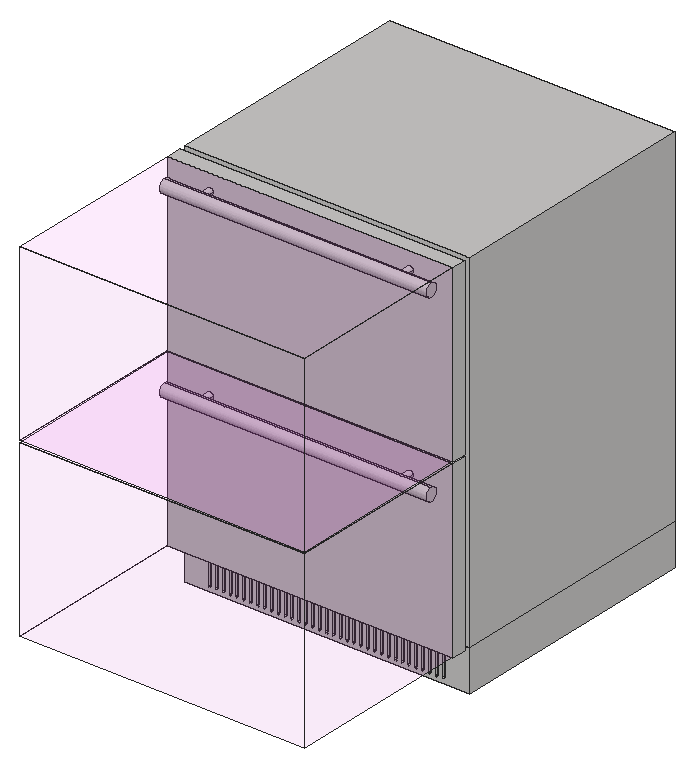
Revit family "QF_Summit_ADRD24_2_Drawer_All_Refrigerator", category Specialty Equipment, Revit 2020
Family settings
  Round Connector Dimension = Use Diameter
  Part Type = Normal
  Work Plane-Based = No
  Always vertical = Yes
  Cut with Voids When Loaded = No
  Shared = No
  Room Calculation Point = No
Parameters
  Weight in Pounds = 95
  Watts = Volts * FL Amps  # 57.5 W
  Volts = 115 V
  URL Cutsheet = ""
  Specification by User = ""
  Specification by Manufacturer = ""
  Show Clearance [instance] = yes
  Show 4" Legs [instance] = no
  Serial Number = ""
  Seismic Rating = ""
  SMACNA No = ""
  Revision Code = ""
  Refrigerant Volume = 0.00 kip
  Refrigerant Type = "R600a"
  Phase = 1
  Number of Poles = 1
  NAFEM Spec ID Number = ""
  Model = "ADRD24"
  Min Ckt Ampacity = 0 A
  Max Overcurrent Protection = 0 A
  Masterspec = ""
  Manufacturer = "Summit"
  Length = 23 3/8"
  Item Number = ""
  Installed By = ""
  Identify Quantity as Lot = yes
  Height [instance] = Body Height + Base Height  # 32"
  HP = ""
  Furnished By = ""
  Foodservice Equipment Identifier = yes
  FL Amps = 0.5 A
  Electrical Remarks = ""
  Electric Connection Type = ""
  Elec Conn RI Height = 0"
  Elec Conn Connection Height = 0"
  Description = "2 Drawer All Refrigerator"
  Depth = 22 3/4"
  Default Elevation = 0"
  Cycle = 60 Hz
  Conn Plug = ""
  Conn Conduit = yes
  CSI MasterFormat = ""
  Body Height [instance] = 32"
  Base Height [instance] = if([Show 4" Legs], 4", 0")  # 0"
  BTUH = 0.0 Btu/h
  Apparent Power = 0 VA
Reference planes (in)
  plane 1 "BACK": y = 0
  plane 2: z = 0
  plane 3 "LEFT": x = 0
  plane 4 "RIGHT": x = 23.375
  plane 5 "FRONT": y = -21
  plane 6 "TOP": z = 32
  plane 7 "Center Y": x = 11.6875
  plane 8 "Center X": y = -10.5
  plane 9: z = 0
Dimensions and locks (in)
  equal spacing: plane 3 "LEFT", plane 7 "Center Y", plane 4 "RIGHT"
  "Length": plane 3 "LEFT" to plane 4 "RIGHT"
  equal spacing: plane 5 "FRONT", plane 8 "Center X", plane 1 "BACK"
  plane 5 "FRONT" to plane 1 "BACK" = 21"
  plane 6 "TOP" to level = 32"
  nested 1 to plane 1 "BACK" = 37 7/8"
  nested 1 to plane 1 "BACK" = 22 3/4"
  "Base Height": plane 9 to level
  "Body Height": plane 6 "TOP" to plane 9
  aligned and locked: level to plane 2
  aligned and locked: nested 1 to plane 9
  aligned and locked: plane 6 "TOP" to nested 1
Nested families (in)
  nested 1: "ADRD24" at (0, 0, 0), Show Clearance <- "Show Clearance", type "ADRD24"
    with Show Clearance yes
  nested 2: "4 INCHES LEGS" at (3.6875, -4, 0), Show 4" Legs <- "Show 4" Legs", type "4 INCHES LEGS"
    with Type Mark "", Status "", Specification by User "", Show 4" Legs no, Revision Code "", Item Number "", Installed By "", Identify Quantity as Lot yes, Furnished By "", Foodservice Equipment Identifier yes
  nested 3: "4 INCHES LEGS" at (19.6875, -4, 0) x (-1, 0, 0) z (0, 0, 1), Show 4" Legs <- "Show 4" Legs", type "4 INCHES LEGS"
    with Type Mark "", Status "", Specification by User "", Show 4" Legs no, Revision Code "", Item Number "", Installed By "", Identify Quantity as Lot yes, Furnished By "", Foodservice Equipment Identifier yes
  nested 4: "4 INCHES LEGS" at (3.6875, -17, 0), Show 4" Legs <- "Show 4" Legs", type "4 INCHES LEGS"
    with Type Mark "", Status "", Specification by User "", Show 4" Legs no, Revision Code "", Item Number "", Installed By "", Identify Quantity as Lot yes, Furnished By "", Foodservice Equipment Identifier yes
  nested 5: "4 INCHES LEGS" at (19.6875, -17, 0) x (-1, 0, 0) z (0, 0, 1), Show 4" Legs <- "Show 4" Legs", type "4 INCHES LEGS"
    with Type Mark "", Status "", Specification by User "", Show 4" Legs no, Revision Code "", Item Number "", Installed By "", Identify Quantity as Lot yes, Furnished By "", Foodservice Equipment Identifier yes
Connectors (in)
  electrical at (20.588, 0.03125, 4), driven by "Volts", driven by "Watts"
    settings: on nested 1, index 1, voltage 115 V, apparent load 57.5 VA, apparent load phase1 0 VA, apparent load phase2 0 VA, apparent load phase3 0 VA, power factor 1, load classification "Other", number of poles 1, system type 30, power factor state 1, is connector primary yes, connector utility no, sub classification motor no, connector description "ELECTRICAL CONNECTON"
Definition of nested family "ADRD24"
  Parameters (values of type "ADRD24")
    Weight in Pounds = 0
    URL Cutsheet = ""
    Specification by User = ""
    Specification by Manufacturer = ""
    Show Clearance [instance] = yes
    Serial Number = ""
    Seismic Rating = ""
    SMACNA No = ""
    Revision Code = ""
    NAFEM Spec ID Number = ""
    Masterspec = ""
    Length = 23 3/8"
    Item Number = ""
    Installed By = ""
    Identify Quantity as Lot = yes
    Height = 32"
    Furnished By = ""
    Foodservice Equipment Identifier = yes
    Depth = 21"
    Default Elevation = 0"
    CSI MasterFormat = ""
  Reference planes (in)
    plane 1 "BACK": y = 0
    plane 2: z = 0
    plane 3 "LEFT": x = 0
    plane 4 "RIGHT": x = 23.375
    plane 5 "FRONT": y = -21
    plane 6 "TOP": z = 32
    plane 7 "Center Y": x = 11.6875
    plane 8 "Center X": y = -10.5
    plane 9: y = -22.75
    plane 10: y = -21.5
    plane 11: y = -24.5
    plane 12: y = -37.875
    plane 13: z = 3.375
  Forms (in)
    Extrusion 1, solid
      sketch origin (0, 0, 0) x (1, 0, 0) y (0, 1, 0)
        loop
          line (0, 0) -> (0, -21) -> (23.375, -21) -> (23.375, 0) -> (0, 0)
      from 0 to 3.375
    Extrusion 2, solid
      sketch origin (0, 0, 3.375) x (1, 0, 0) y (0, 1, 0)
        loop
          line (0, 0) -> (0, -21) -> (23.375, -21) -> (23.375, 0) -> (0, 0)
      from 0 to 28.625
    Extrusion 3, solid
      sketch origin (-38.39759, -180, 32) x (-1, 0, 0) y (0, -1, 0)
        loop
          line (-38.39759, -158.5) -> (-38.39759, -157.25) -> (-61.77259, -157.25) -> (-61.77259, -158.5) -> (-38.39759, -158.5)
      from 0 to -14.25
    Extrusion 4, solid
      sketch origin (-38.39759, -180, 3.375) x (0, 1, 0) y (1, 0, 0)
        loop
          line (158.5, 38.39759) -> (158.5, 61.77259) -> (157.25, 61.77259) -> (157.25, 38.39759) -> (158.5, 38.39759)
      from 0 to -14.25
    Extrusion 5, solid
      sketch origin (-4.36197, -180, 3.375) x (-1, 0, 0) y (0, -1, 0)
        loop
          line (-5.04947, -159) -> (-5.04947, -158.5) -> (-27.04947, -158.5) -> (-27.04947, -159) -> (-5.04947, -159)
      from 0 to 27.88719
    Extrusion 6, solid
      sketch origin (23.375, -22.75, 32) x (-1, 0, 0) y (0, 0, -1)
        loop
          circle (19.875, 1.34016) r 0.25
        loop
          circle (3.5, 1.34016) r 0.25
        loop
          circle (19.875, 16.34016) r 0.25
        loop
          circle (3.5, 16.34016) r 0.25
      from 0 to 1.18266
    Extrusion 7, solid
      sketch origin (0.75, -180, 45.48556) x (0, 0, 1) y (0, -1, 0)
        loop
          circle (-14.80964, -156) r 0.5
      from 0 to 21.875
    Extrusion 8, solid
      sketch origin (0.75, -180, 45.48556) x (0, 0, 1) y (0, -1, 0)
        loop
          circle (-29.80964, -156) r 0.5
      from 0 to 21.875
    Extrusion 9, void
      sketch origin (24.57232, -21, 0) x (1, 0, 0) y (0, 0, -1)
        loop
          line (-22.59941, -0.4375) -> (-22.59941, -2.9375)
          arc (-22.59941, -2.9375) -> (-22.47441, -3.0625) -> (-22.34941, -2.9375) r 0.125
          line (-22.34941, -2.9375) -> (-22.34941, -0.4375)
          arc (-22.34941, -0.4375) -> (-22.47441, -0.3125) -> (-22.59941, -0.4375) r 0.125
      from 0 to 0.10592
    Extrusion 10, void
      sketch origin (43.7515, -21, 0) x (1, 0, 0) y (0, 0, -1)
        loop
          line (-22.59941, -0.4375) -> (-22.59941, -2.9375)
          arc (-22.59941, -2.9375) -> (-22.47441, -3.0625) -> (-22.34941, -2.9375) r 0.125
          line (-22.34941, -2.9375) -> (-22.34941, -0.4375)
          arc (-22.34941, -0.4375) -> (-22.47441, -0.3125) -> (-22.59941, -0.4375) r 0.125
      from 0 to 0.10592
    Extrusion 11, void
      sketch origin (25.13641, -21, 0) x (1, 0, 0) y (0, 0, -1)
        loop
          line (-22.59941, -0.4375) -> (-22.59941, -2.9375)
          arc (-22.59941, -2.9375) -> (-22.47441, -3.0625) -> (-22.34941, -2.9375) r 0.125
          line (-22.34941, -2.9375) -> (-22.34941, -0.4375)
          arc (-22.34941, -0.4375) -> (-22.47441, -0.3125) -> (-22.59941, -0.4375) r 0.125
      from 0 to 0.10592
    Extrusion 12, void
      sketch origin (25.70051, -21, 0) x (1, 0, 0) y (0, 0, -1)
        loop
          line (-22.59941, -0.4375) -> (-22.59941, -2.9375)
          arc (-22.59941, -2.9375) -> (-22.47441, -3.0625) -> (-22.34941, -2.9375) r 0.125
          line (-22.34941, -2.9375) -> (-22.34941, -0.4375)
          arc (-22.34941, -0.4375) -> (-22.47441, -0.3125) -> (-22.59941, -0.4375) r 0.125
      from 0 to 0.10592
    Extrusion 13, void
      sketch origin (26.2646, -21, 0) x (1, 0, 0) y (0, 0, -1)
        loop
          line (-22.59941, -0.4375) -> (-22.59941, -2.9375)
          arc (-22.59941, -2.9375) -> (-22.47441, -3.0625) -> (-22.34941, -2.9375) r 0.125
          line (-22.34941, -2.9375) -> (-22.34941, -0.4375)
          arc (-22.34941, -0.4375) -> (-22.47441, -0.3125) -> (-22.59941, -0.4375) r 0.125
      from 0 to 0.10592
    Extrusion 14, void
      sketch origin (26.8287, -21, 0) x (1, 0, 0) y (0, 0, -1)
        loop
          line (-22.59941, -0.4375) -> (-22.59941, -2.9375)
          arc (-22.59941, -2.9375) -> (-22.47441, -3.0625) -> (-22.34941, -2.9375) r 0.125
          line (-22.34941, -2.9375) -> (-22.34941, -0.4375)
          arc (-22.34941, -0.4375) -> (-22.47441, -0.3125) -> (-22.59941, -0.4375) r 0.125
      from 0 to 0.10592
    Extrusion 15, void
      sketch origin (27.39279, -21, 0) x (1, 0, 0) y (0, 0, -1)
        loop
          line (-22.59941, -0.4375) -> (-22.59941, -2.9375)
          arc (-22.59941, -2.9375) -> (-22.47441, -3.0625) -> (-22.34941, -2.9375) r 0.125
          line (-22.34941, -2.9375) -> (-22.34941, -0.4375)
          arc (-22.34941, -0.4375) -> (-22.47441, -0.3125) -> (-22.59941, -0.4375) r 0.125
      from 0 to 0.10592
    Extrusion 16, void
      sketch origin (27.95688, -21, 0) x (1, 0, 0) y (0, 0, -1)
        loop
          line (-22.59941, -0.4375) -> (-22.59941, -2.9375)
          arc (-22.59941, -2.9375) -> (-22.47441, -3.0625) -> (-22.34941, -2.9375) r 0.125
          line (-22.34941, -2.9375) -> (-22.34941, -0.4375)
          arc (-22.34941, -0.4375) -> (-22.47441, -0.3125) -> (-22.59941, -0.4375) r 0.125
      from 0 to 0.10592
    Extrusion 17, void
      sketch origin (28.52098, -21, 0) x (1, 0, 0) y (0, 0, -1)
        loop
          line (-22.59941, -0.4375) -> (-22.59941, -2.9375)
          arc (-22.59941, -2.9375) -> (-22.47441, -3.0625) -> (-22.34941, -2.9375) r 0.125
          line (-22.34941, -2.9375) -> (-22.34941, -0.4375)
          arc (-22.34941, -0.4375) -> (-22.47441, -0.3125) -> (-22.59941, -0.4375) r 0.125
      from 0 to 0.10592
    Extrusion 18, void
      sketch origin (29.08507, -21, 0) x (1, 0, 0) y (0, 0, -1)
        loop
          line (-22.59941, -0.4375) -> (-22.59941, -2.9375)
          arc (-22.59941, -2.9375) -> (-22.47441, -3.0625) -> (-22.34941, -2.9375) r 0.125
          line (-22.34941, -2.9375) -> (-22.34941, -0.4375)
          arc (-22.34941, -0.4375) -> (-22.47441, -0.3125) -> (-22.59941, -0.4375) r 0.125
      from 0 to 0.10592
    Extrusion 19, void
      sketch origin (29.64916, -21, 0) x (1, 0, 0) y (0, 0, -1)
        loop
          line (-22.59941, -0.4375) -> (-22.59941, -2.9375)
          arc (-22.59941, -2.9375) -> (-22.47441, -3.0625) -> (-22.34941, -2.9375) r 0.125
          line (-22.34941, -2.9375) -> (-22.34941, -0.4375)
          arc (-22.34941, -0.4375) -> (-22.47441, -0.3125) -> (-22.59941, -0.4375) r 0.125
      from 0 to 0.10592
    Extrusion 20, void
      sketch origin (30.21326, -21, 0) x (1, 0, 0) y (0, 0, -1)
        loop
          line (-22.59941, -0.4375) -> (-22.59941, -2.9375)
          arc (-22.59941, -2.9375) -> (-22.47441, -3.0625) -> (-22.34941, -2.9375) r 0.125
          line (-22.34941, -2.9375) -> (-22.34941, -0.4375)
          arc (-22.34941, -0.4375) -> (-22.47441, -0.3125) -> (-22.59941, -0.4375) r 0.125
      from 0 to 0.10592
    Extrusion 21, void
      sketch origin (30.77735, -21, 0) x (1, 0, 0) y (0, 0, -1)
        loop
          line (-22.59941, -0.4375) -> (-22.59941, -2.9375)
          arc (-22.59941, -2.9375) -> (-22.47441, -3.0625) -> (-22.34941, -2.9375) r 0.125
          line (-22.34941, -2.9375) -> (-22.34941, -0.4375)
          arc (-22.34941, -0.4375) -> (-22.47441, -0.3125) -> (-22.59941, -0.4375) r 0.125
      from 0 to 0.10592
    Extrusion 22, void
      sketch origin (31.34144, -21, 0) x (1, 0, 0) y (0, 0, -1)
        loop
          line (-22.59941, -0.4375) -> (-22.59941, -2.9375)
          arc (-22.59941, -2.9375) -> (-22.47441, -3.0625) -> (-22.34941, -2.9375) r 0.125
          line (-22.34941, -2.9375) -> (-22.34941, -0.4375)
          arc (-22.34941, -0.4375) -> (-22.47441, -0.3125) -> (-22.59941, -0.4375) r 0.125
      from 0 to 0.10592
    Extrusion 23, void
      sketch origin (31.90554, -21, 0) x (1, 0, 0) y (0, 0, -1)
        loop
          line (-22.59941, -0.4375) -> (-22.59941, -2.9375)
          arc (-22.59941, -2.9375) -> (-22.47441, -3.0625) -> (-22.34941, -2.9375) r 0.125
          line (-22.34941, -2.9375) -> (-22.34941, -0.4375)
          arc (-22.34941, -0.4375) -> (-22.47441, -0.3125) -> (-22.59941, -0.4375) r 0.125
      from 0 to 0.10592
    Extrusion 24, void
      sketch origin (32.46963, -21, 0) x (1, 0, 0) y (0, 0, -1)
        loop
          line (-22.59941, -0.4375) -> (-22.59941, -2.9375)
          arc (-22.59941, -2.9375) -> (-22.47441, -3.0625) -> (-22.34941, -2.9375) r 0.125
          line (-22.34941, -2.9375) -> (-22.34941, -0.4375)
          arc (-22.34941, -0.4375) -> (-22.47441, -0.3125) -> (-22.59941, -0.4375) r 0.125
      from 0 to 0.10592
    Extrusion 25, void
      sketch origin (33.03373, -21, 0) x (1, 0, 0) y (0, 0, -1)
        loop
          line (-22.59941, -0.4375) -> (-22.59941, -2.9375)
          arc (-22.59941, -2.9375) -> (-22.47441, -3.0625) -> (-22.34941, -2.9375) r 0.125
          line (-22.34941, -2.9375) -> (-22.34941, -0.4375)
          arc (-22.34941, -0.4375) -> (-22.47441, -0.3125) -> (-22.59941, -0.4375) r 0.125
      from 0 to 0.10592
    Extrusion 26, void
      sketch origin (33.59782, -21, 0) x (1, 0, 0) y (0, 0, -1)
        loop
          line (-22.59941, -0.4375) -> (-22.59941, -2.9375)
          arc (-22.59941, -2.9375) -> (-22.47441, -3.0625) -> (-22.34941, -2.9375) r 0.125
          line (-22.34941, -2.9375) -> (-22.34941, -0.4375)
          arc (-22.34941, -0.4375) -> (-22.47441, -0.3125) -> (-22.59941, -0.4375) r 0.125
      from 0 to 0.10592
    Extrusion 27, void
      sketch origin (34.16191, -21, 0) x (1, 0, 0) y (0, 0, -1)
        loop
          line (-22.59941, -0.4375) -> (-22.59941, -2.9375)
          arc (-22.59941, -2.9375) -> (-22.47441, -3.0625) -> (-22.34941, -2.9375) r 0.125
          line (-22.34941, -2.9375) -> (-22.34941, -0.4375)
          arc (-22.34941, -0.4375) -> (-22.47441, -0.3125) -> (-22.59941, -0.4375) r 0.125
      from 0 to 0.10592
    Extrusion 28, void
      sketch origin (34.72601, -21, 0) x (1, 0, 0) y (0, 0, -1)
        loop
          line (-22.59941, -0.4375) -> (-22.59941, -2.9375)
          arc (-22.59941, -2.9375) -> (-22.47441, -3.0625) -> (-22.34941, -2.9375) r 0.125
          line (-22.34941, -2.9375) -> (-22.34941, -0.4375)
          arc (-22.34941, -0.4375) -> (-22.47441, -0.3125) -> (-22.59941, -0.4375) r 0.125
      from 0 to 0.10592
    Extrusion 29, void
      sketch origin (35.2901, -21, 0) x (1, 0, 0) y (0, 0, -1)
        loop
          line (-22.59941, -0.4375) -> (-22.59941, -2.9375)
          arc (-22.59941, -2.9375) -> (-22.47441, -3.0625) -> (-22.34941, -2.9375) r 0.125
          line (-22.34941, -2.9375) -> (-22.34941, -0.4375)
          arc (-22.34941, -0.4375) -> (-22.47441, -0.3125) -> (-22.59941, -0.4375) r 0.125
      from 0 to 0.10592
    Extrusion 30, void
      sketch origin (35.85419, -21, 0) x (1, 0, 0) y (0, 0, -1)
        loop
          line (-22.59941, -0.4375) -> (-22.59941, -2.9375)
          arc (-22.59941, -2.9375) -> (-22.47441, -3.0625) -> (-22.34941, -2.9375) r 0.125
          line (-22.34941, -2.9375) -> (-22.34941, -0.4375)
          arc (-22.34941, -0.4375) -> (-22.47441, -0.3125) -> (-22.59941, -0.4375) r 0.125
      from 0 to 0.10592
    Extrusion 31, void
      sketch origin (36.41829, -21, 0) x (1, 0, 0) y (0, 0, -1)
        loop
          line (-22.59941, -0.4375) -> (-22.59941, -2.9375)
          arc (-22.59941, -2.9375) -> (-22.47441, -3.0625) -> (-22.34941, -2.9375) r 0.125
          line (-22.34941, -2.9375) -> (-22.34941, -0.4375)
          arc (-22.34941, -0.4375) -> (-22.47441, -0.3125) -> (-22.59941, -0.4375) r 0.125
      from 0 to 0.10592
    Extrusion 32, void
      sketch origin (36.98238, -21, 0) x (1, 0, 0) y (0, 0, -1)
        loop
          line (-22.59941, -0.4375) -> (-22.59941, -2.9375)
          arc (-22.59941, -2.9375) -> (-22.47441, -3.0625) -> (-22.34941, -2.9375) r 0.125
          line (-22.34941, -2.9375) -> (-22.34941, -0.4375)
          arc (-22.34941, -0.4375) -> (-22.47441, -0.3125) -> (-22.59941, -0.4375) r 0.125
      from 0 to 0.10592
    Extrusion 33, void
      sketch origin (37.54647, -21, 0) x (1, 0, 0) y (0, 0, -1)
        loop
          line (-22.59941, -0.4375) -> (-22.59941, -2.9375)
          arc (-22.59941, -2.9375) -> (-22.47441, -3.0625) -> (-22.34941, -2.9375) r 0.125
          line (-22.34941, -2.9375) -> (-22.34941, -0.4375)
          arc (-22.34941, -0.4375) -> (-22.47441, -0.3125) -> (-22.59941, -0.4375) r 0.125
      from 0 to 0.10592
    Extrusion 34, void
      sketch origin (38.11057, -21, 0) x (1, 0, 0) y (0, 0, -1)
        loop
          line (-22.59941, -0.4375) -> (-22.59941, -2.9375)
          arc (-22.59941, -2.9375) -> (-22.47441, -3.0625) -> (-22.34941, -2.9375) r 0.125
          line (-22.34941, -2.9375) -> (-22.34941, -0.4375)
          arc (-22.34941, -0.4375) -> (-22.47441, -0.3125) -> (-22.59941, -0.4375) r 0.125
      from 0 to 0.10592
    Extrusion 35, void
      sketch origin (38.67466, -21, 0) x (1, 0, 0) y (0, 0, -1)
        loop
          line (-22.59941, -0.4375) -> (-22.59941, -2.9375)
          arc (-22.59941, -2.9375) -> (-22.47441, -3.0625) -> (-22.34941, -2.9375) r 0.125
          line (-22.34941, -2.9375) -> (-22.34941, -0.4375)
          arc (-22.34941, -0.4375) -> (-22.47441, -0.3125) -> (-22.59941, -0.4375) r 0.125
      from 0 to 0.10592
    Extrusion 36, void
      sketch origin (39.23876, -21, 0) x (1, 0, 0) y (0, 0, -1)
        loop
          line (-22.59941, -0.4375) -> (-22.59941, -2.9375)
          arc (-22.59941, -2.9375) -> (-22.47441, -3.0625) -> (-22.34941, -2.9375) r 0.125
          line (-22.34941, -2.9375) -> (-22.34941, -0.4375)
          arc (-22.34941, -0.4375) -> (-22.47441, -0.3125) -> (-22.59941, -0.4375) r 0.125
      from 0 to 0.10592
    Extrusion 37, void
      sketch origin (39.80285, -21, 0) x (1, 0, 0) y (0, 0, -1)
        loop
          line (-22.59941, -0.4375) -> (-22.59941, -2.9375)
          arc (-22.59941, -2.9375) -> (-22.47441, -3.0625) -> (-22.34941, -2.9375) r 0.125
          line (-22.34941, -2.9375) -> (-22.34941, -0.4375)
          arc (-22.34941, -0.4375) -> (-22.47441, -0.3125) -> (-22.59941, -0.4375) r 0.125
      from 0 to 0.10592
    Extrusion 38, void
      sketch origin (40.36694, -21, 0) x (1, 0, 0) y (0, 0, -1)
        loop
          line (-22.59941, -0.4375) -> (-22.59941, -2.9375)
          arc (-22.59941, -2.9375) -> (-22.47441, -3.0625) -> (-22.34941, -2.9375) r 0.125
          line (-22.34941, -2.9375) -> (-22.34941, -0.4375)
          arc (-22.34941, -0.4375) -> (-22.47441, -0.3125) -> (-22.59941, -0.4375) r 0.125
      from 0 to 0.10592
    Extrusion 39, void
      sketch origin (40.93104, -21, 0) x (1, 0, 0) y (0, 0, -1)
        loop
          line (-22.59941, -0.4375) -> (-22.59941, -2.9375)
          arc (-22.59941, -2.9375) -> (-22.47441, -3.0625) -> (-22.34941, -2.9375) r 0.125
          line (-22.34941, -2.9375) -> (-22.34941, -0.4375)
          arc (-22.34941, -0.4375) -> (-22.47441, -0.3125) -> (-22.59941, -0.4375) r 0.125
      from 0 to 0.10592
    Extrusion 40, void
      sketch origin (41.49513, -21, 0) x (1, 0, 0) y (0, 0, -1)
        loop
          line (-22.59941, -0.4375) -> (-22.59941, -2.9375)
          arc (-22.59941, -2.9375) -> (-22.47441, -3.0625) -> (-22.34941, -2.9375) r 0.125
          line (-22.34941, -2.9375) -> (-22.34941, -0.4375)
          arc (-22.34941, -0.4375) -> (-22.47441, -0.3125) -> (-22.59941, -0.4375) r 0.125
      from 0 to 0.10592
    Extrusion 41, void
      sketch origin (42.05922, -21, 0) x (1, 0, 0) y (0, 0, -1)
        loop
          line (-22.59941, -0.4375) -> (-22.59941, -2.9375)
          arc (-22.59941, -2.9375) -> (-22.47441, -3.0625) -> (-22.34941, -2.9375) r 0.125
          line (-22.34941, -2.9375) -> (-22.34941, -0.4375)
          arc (-22.34941, -0.4375) -> (-22.47441, -0.3125) -> (-22.59941, -0.4375) r 0.125
      from 0 to 0.10592
    Extrusion 42, void
      sketch origin (42.62332, -21, 0) x (1, 0, 0) y (0, 0, -1)
        loop
          line (-22.59941, -0.4375) -> (-22.59941, -2.9375)
          arc (-22.59941, -2.9375) -> (-22.47441, -3.0625) -> (-22.34941, -2.9375) r 0.125
          line (-22.34941, -2.9375) -> (-22.34941, -0.4375)
          arc (-22.34941, -0.4375) -> (-22.47441, -0.3125) -> (-22.59941, -0.4375) r 0.125
      from 0 to 0.10592
    Extrusion 43, void
      sketch origin (43.18741, -21, 0) x (1, 0, 0) y (0, 0, -1)
        loop
          line (-22.59941, -0.4375) -> (-22.59941, -2.9375)
          arc (-22.59941, -2.9375) -> (-22.47441, -3.0625) -> (-22.34941, -2.9375) r 0.125
          line (-22.34941, -2.9375) -> (-22.34941, -0.4375)
          arc (-22.34941, -0.4375) -> (-22.47441, -0.3125) -> (-22.59941, -0.4375) r 0.125
      from 0 to 0.10592
    Extrusion 44, solid
      sketch origin (0, 0, 3.375) x (1, 0, 0) y (0, 0, -1)
        loop
          circle (20.588, -0.625) r 0.25
      from 0 to 0.03125
    Extrusion 45, solid, visible <- "Show Clearance"
      sketch origin (-38.39759, -180, 3.375) x (-1, 0, 0) y (0, 1, 0)
        loop
          line (-38.39759, 157.25) -> (-61.77259, 157.25) -> (-61.77259, 142.125) -> (-38.39759, 142.125) -> (-38.39759, 157.25)
      from 0 to -14.25
    Extrusion 46, solid, visible <- "Show Clearance"
      sketch origin (-38.39759, -180, 17.75) x (0, -1, 0) y (-1, 0, 0)
        loop
          line (-157.25, -38.39759) -> (-157.25, -61.77259) -> (-142.125, -61.77259) -> (-142.125, -38.39759) -> (-157.25, -38.39759)
      from 0 to -14.25
  Cuts and joins
    Extrusion 9, Extrusion 10, Extrusion 11, Extrusion 12, Extrusion 13, Extrusion 14, Extrusion 15, Extrusion 16, Extrusion 17, Extrusion 18, Extrusion 19, Extrusion 20, Extrusion 21, Extrusion 22, Extrusion 23, Extrusion 24, Extrusion 25, Extrusion 26, Extrusion 27, Extrusion 28, Extrusion 29, Extrusion 30, Extrusion 31, Extrusion 32, Extrusion 33, Extrusion 34, Extrusion 35, Extrusion 36, Extrusion 37, Extrusion 38, Extrusion 39, Extrusion 40, Extrusion 41, Extrusion 42, Extrusion 43 cuts Extrusion 1
    joined: Extrusion 6, Extrusion 7, Extrusion 8
  Lines and regions (in)
    symbolic lines
      curve 1: line (23.375, 0, 0) -> (0, 0, 0)
      curve 2: line (0, 0, 0) -> (0, -21, 0)
      curve 3: line (0, -21, 0) -> (23.375, -21, 0)
      curve 4: line (23.375, -21, 0) -> (23.375, 0, 0)
      curve 5: line (0.6875, -21, 0) -> (0.6875, -21.5, 0)
      curve 6: line (23.375, -21.5, 0) -> (0, -21.5, 0)
      curve 7: line (0, -21.5, 0) -> (0, -22.75, 0)
      curve 8: line (0, -22.75, 0) -> (23.375, -22.75, 0)
      curve 9: line (23.375, -22.75, 0) -> (23.375, -21.5, 0)
      curve 10: line (22.6875, -21.5, 0) -> (22.6875, -21, 0)
      curve 14: line (0.75, -23.50026, 0) -> (0.75, -24.5, 0)
      curve 15: line (0.75, -24.5, 0) -> (22.625, -24.5, 0)
      curve 16: line (22.625, -24.5, 0) -> (22.625, -23.50026, 0)
      curve 17: line (20.125, -23.50026, 0) -> (20.125, -22.75, 0)
      curve 18: line (19.625, -23.50026, 0) -> (19.625, -22.75, 0)
      curve 19: line (3.75, -23.50026, 0) -> (3.75, -22.75, 0)
      curve 20: line (3.25, -23.50026, 0) -> (3.25, -22.75, 0)
      curve 21: line (3.25, -23.50026, 0) -> (0.75, -23.50026, 0)
      curve 22: line (3.75, -23.50026, 0) -> (19.625, -23.50026, 0)
      curve 23: line (20.125, -23.50026, 0) -> (22.625, -23.50026, 0)
      curve 24: line (3.75, -23.50026, 0) -> (3.25, -23.50026, 0)
      curve 25: line (20.125, -23.50026, 0) -> (19.625, -23.50026, 0)
    symbolic lines, visible <- "Show Clearance"
      curve 11: line (0, -22.75, 0) -> (0, -37.875, 0)
      curve 12: line (0, -37.875, 0) -> (23.375, -37.875, 0)
      curve 13: line (23.375, -37.875, 0) -> (23.375, -22.75, 0)
  Dimensions and locks (in)
    equal spacing: plane 3 "LEFT", plane 7 "Center Y", plane 4 "RIGHT"
    "Length": plane 3 "LEFT" to plane 4 "RIGHT"
    equal spacing: plane 5 "FRONT", plane 8 "Center X", plane 1 "BACK"
    "Depth": plane 5 "FRONT" to plane 1 "BACK"
    "Height": plane 6 "TOP" to level
    plane 1 "BACK" to plane 9 = 22 3/4"
    plane 9 to plane 11 = 1 3/4"
    plane 1 "BACK" to plane 12 = 37 7/8"
    plane 13 to level = 3 3/8"
    Extrusion 4 to plane 13 = 14 1/4"
    plane 6 "TOP" to Extrusion 3 = 14 1/4"
    equal spacing: group 1, group 3, group 4, group 5, group 6, group 7, group 8, group 9, group 10, group 11, group 12, group 13, group 14, group 15, group 16, group 17, group 18, group 19, group 20, group 21, group 22, group 23, group 24, group 25, group 26, group 27, group 28, group 29, group 30, group 31, group 32, group 33, group 34, group 35, group 2  (x3)
    aligned and locked: level to plane 2
  Automatic sketch dimensions
    Extrusion 9 sketch curve to Extrusion 9 sketch curve = 1/8"
    Extrusion 9 sketch curve to Extrusion 9 sketch curve = 2 1/2"
    Extrusion 10 sketch curve to Extrusion 10 sketch curve = 1/8"
    Extrusion 10 sketch curve to Extrusion 10 sketch curve = 2 1/2"
    Extrusion 11 sketch curve to Extrusion 11 sketch curve = 1/8"
    Extrusion 11 sketch curve to Extrusion 11 sketch curve = 2 1/2"
    Extrusion 12 sketch curve to Extrusion 12 sketch curve = 1/8"
    Extrusion 12 sketch curve to Extrusion 12 sketch curve = 2 1/2"
    Extrusion 13 sketch curve to Extrusion 13 sketch curve = 1/8"
    Extrusion 13 sketch curve to Extrusion 13 sketch curve = 2 1/2"
    Extrusion 14 sketch curve to Extrusion 14 sketch curve = 1/8"
    Extrusion 14 sketch curve to Extrusion 14 sketch curve = 2 1/2"
    Extrusion 15 sketch curve to Extrusion 15 sketch curve = 1/8"
    Extrusion 15 sketch curve to Extrusion 15 sketch curve = 2 1/2"
    Extrusion 16 sketch curve to Extrusion 16 sketch curve = 1/8"
    Extrusion 16 sketch curve to Extrusion 16 sketch curve = 2 1/2"
    Extrusion 17 sketch curve to Extrusion 17 sketch curve = 1/8"
    Extrusion 17 sketch curve to Extrusion 17 sketch curve = 2 1/2"
    Extrusion 18 sketch curve to Extrusion 18 sketch curve = 1/8"
    Extrusion 18 sketch curve to Extrusion 18 sketch curve = 2 1/2"
    Extrusion 19 sketch curve to Extrusion 19 sketch curve = 1/8"
    Extrusion 19 sketch curve to Extrusion 19 sketch curve = 2 1/2"
    Extrusion 20 sketch curve to Extrusion 20 sketch curve = 1/8"
    Extrusion 20 sketch curve to Extrusion 20 sketch curve = 2 1/2"
    Extrusion 21 sketch curve to Extrusion 21 sketch curve = 1/8"
    Extrusion 21 sketch curve to Extrusion 21 sketch curve = 2 1/2"
    Extrusion 22 sketch curve to Extrusion 22 sketch curve = 1/8"
    Extrusion 22 sketch curve to Extrusion 22 sketch curve = 2 1/2"
    Extrusion 23 sketch curve to Extrusion 23 sketch curve = 1/8"
    Extrusion 23 sketch curve to Extrusion 23 sketch curve = 2 1/2"
    Extrusion 24 sketch curve to Extrusion 24 sketch curve = 1/8"
    Extrusion 24 sketch curve to Extrusion 24 sketch curve = 2 1/2"
    Extrusion 25 sketch curve to Extrusion 25 sketch curve = 1/8"
    Extrusion 25 sketch curve to Extrusion 25 sketch curve = 2 1/2"
    Extrusion 26 sketch curve to Extrusion 26 sketch curve = 1/8"
    Extrusion 26 sketch curve to Extrusion 26 sketch curve = 2 1/2"
    Extrusion 27 sketch curve to Extrusion 27 sketch curve = 1/8"
    Extrusion 27 sketch curve to Extrusion 27 sketch curve = 2 1/2"
    Extrusion 28 sketch curve to Extrusion 28 sketch curve = 1/8"
    Extrusion 28 sketch curve to Extrusion 28 sketch curve = 2 1/2"
    Extrusion 29 sketch curve to Extrusion 29 sketch curve = 1/8"
    Extrusion 29 sketch curve to Extrusion 29 sketch curve = 2 1/2"
    Extrusion 30 sketch curve to Extrusion 30 sketch curve = 1/8"
    Extrusion 30 sketch curve to Extrusion 30 sketch curve = 2 1/2"
    Extrusion 31 sketch curve to Extrusion 31 sketch curve = 1/8"
    Extrusion 31 sketch curve to Extrusion 31 sketch curve = 2 1/2"
    Extrusion 32 sketch curve to Extrusion 32 sketch curve = 1/8"
    Extrusion 32 sketch curve to Extrusion 32 sketch curve = 2 1/2"
    Extrusion 33 sketch curve to Extrusion 33 sketch curve = 1/8"
    Extrusion 33 sketch curve to Extrusion 33 sketch curve = 2 1/2"
    Extrusion 34 sketch curve to Extrusion 34 sketch curve = 1/8"
    Extrusion 34 sketch curve to Extrusion 34 sketch curve = 2 1/2"
    Extrusion 35 sketch curve to Extrusion 35 sketch curve = 1/8"
    Extrusion 35 sketch curve to Extrusion 35 sketch curve = 2 1/2"
    Extrusion 36 sketch curve to Extrusion 36 sketch curve = 1/8"
    Extrusion 36 sketch curve to Extrusion 36 sketch curve = 2 1/2"
    Extrusion 37 sketch curve to Extrusion 37 sketch curve = 1/8"
    Extrusion 37 sketch curve to Extrusion 37 sketch curve = 2 1/2"
    Extrusion 38 sketch curve to Extrusion 38 sketch curve = 1/8"
    Extrusion 38 sketch curve to Extrusion 38 sketch curve = 2 1/2"
    Extrusion 39 sketch curve to Extrusion 39 sketch curve = 1/8"
    Extrusion 39 sketch curve to Extrusion 39 sketch curve = 2 1/2"
    Extrusion 40 sketch curve to Extrusion 40 sketch curve = 1/8"
    Extrusion 40 sketch curve to Extrusion 40 sketch curve = 2 1/2"
    Extrusion 41 sketch curve to Extrusion 41 sketch curve = 1/8"
    Extrusion 41 sketch curve to Extrusion 41 sketch curve = 2 1/2"
    Extrusion 42 sketch curve to Extrusion 42 sketch curve = 1/8"
    Extrusion 42 sketch curve to Extrusion 42 sketch curve = 2 1/2"
    Extrusion 43 sketch curve to Extrusion 43 sketch curve = 1/8"
    Extrusion 43 sketch curve to Extrusion 43 sketch curve = 2 1/2"
    Extrusion 1 sketch curve to plane 3 "LEFT" = 0"
    Extrusion 1 sketch curve to plane 4 "RIGHT" = 0"
    plane 5 "FRONT" to Extrusion 1 sketch curve = 0"
    plane 1 "BACK" to Extrusion 1 sketch curve = 0"
    Extrusion 2 sketch curve to Extrusion 1 = 0"  (x3)
    Extrusion 1 to Extrusion 2 sketch curve = 0"
    Extrusion 3 sketch curve to plane 4 "RIGHT" = 0"
    Extrusion 3 sketch curve to plane 3 "LEFT" = 0"
    Extrusion 3 sketch curve to plane 10 = 0"
    Extrusion 3 sketch curve to plane 9 = 0"
    Extrusion 4 sketch curve to plane 3 "LEFT" = 0"
    Extrusion 4 sketch curve to plane 9 = 0"
    Extrusion 4 sketch curve to plane 10 = 0"
    Extrusion 4 sketch curve to plane 4 "RIGHT" = 0"
    plane 5 "FRONT" to Extrusion 5 sketch curve = 0"
    Extrusion 5 sketch curve to plane 10 = 0"
    plane 4 "RIGHT" to Extrusion 5 sketch curve = 11/16"
    plane 3 "LEFT" to Extrusion 5 sketch curve = 11/16"
    Extrusion 3 to Extrusion 6 sketch curve = 1.34016"  (x2)
    Extrusion 6 sketch curve to Extrusion 3 = 3 1/2"  (x2)
    Extrusion 3 to Extrusion 6 sketch curve = 3 1/2"  (x2)
    Extrusion 6 sketch curve to Extrusion 3 = 2.09016"  (x2)
    plane 11 to Extrusion 7 sketch curve = 1/2"
    Extrusion 7 sketch curve to plane 6 "TOP" = 1.32408"
    plane 11 to Extrusion 8 sketch curve = 1/2"
    plane 13 to Extrusion 8 sketch curve = 12.30092"
    Extrusion 2 to Extrusion 44 sketch curve = 5/8"
    Extrusion 44 sketch curve to Extrusion 2 = 2.787"
    Extrusion 45 sketch curve to Extrusion 4 = 0"  (x3)
    Extrusion 45 sketch curve to Extrusion 4 = 15 1/8"
    Extrusion 46 sketch curve to Extrusion 3 = 0"  (x3)
    Extrusion 46 sketch curve to Extrusion 3 = 15 1/8"
    curve 12 to plane 3 "LEFT" = 0"
    plane 1 "BACK" to curve 1 = 0"
    curve 1 to plane 3 "LEFT" = 0"
    curve 5 to plane 10 = 0"
    plane 5 "FRONT" to curve 5 = 0"
    curve 14 to plane 11 = 0"
    curve 20 to plane 9 = 0"
    curve 12 to plane 4 "RIGHT" = 0"
    curve 4 to plane 4 "RIGHT" = 0"
    curve 12 to plane 12 = 0"
    plane 3 "LEFT" to curve 21 = 3/4"
    curve 14 to curve 20 = 2 1/2"
    curve 20 to curve 19 = 1/2"
    plane 4 "RIGHT" to curve 18 = 3 3/4"
    plane 4 "RIGHT" to curve 15 = 3/4"
    curve 6 to curve 5 = 11/16"
    curve 18 to curve 23 = 1/2"
    plane 4 "RIGHT" to curve 10 = 11/16"
    curve 23 to plane 9 = 0.75026"
    radius of Extrusion 6 sketch curve = 1/4"  (x4)
    radius of Extrusion 7 sketch curve = 1/2"
    radius of Extrusion 8 sketch curve = 1/2"
    radius of Extrusion 44 sketch curve = 1/4"
Definition of nested family "4 INCHES LEGS"
  Parameters (values of type "4 INCHES LEGS")
    Weight = ""
    URL Manufacturer = ""
    URL Cutsheet = ""
    URL = ""
    Type Mark [instance] = ""
    Status [instance] = ""
    Specification by User [instance] = ""
    Specification by Manufacturer = ""
    Show 4" Legs [instance] = yes
    Serial Number = ""
    Seismic Rating = ""
    SMACNA No = ""
    Revision Code [instance] = ""
    Omniclass Number and Title = ""
    NAFEM Spec ID Number = ""
    Model = ""
    MasterSpec. = ""
    Manufacturer = ""
    Item Number [instance] = ""
    Installed By [instance] = ""
    Identify Quantity as Lot [instance] = yes
    Furnished By [instance] = ""
    Foodservice Equipment Identifier [instance] = yes
    Description = ""
    Default Elevation = 0"
    CSI MasterFormat = ""
    CSI Master Format = ""
    Assembly Code = ""
  Reference planes (in)
    plane 1: z = 0
    plane 2 "RIGHT": x = 0
    plane 3 "FRONT": y = 0
    plane 4 "TOP": z = 4
  Forms (in)
    Revolve 1, solid, visible <- "Show 4" Legs"
      sketch origin (11.12172, 0, 0) x (-1, 0, 0) y (0, 0, -1)
        loop
          line (11.12172, -4) -> (11.12172, 0) -> (10.62172, 0) -> (10.62172, -1.30261) -> (10.37172, -1.30261) -> (10.37172, -4) -> (11.12172, -4)
        axis (11.12172, 0) -> (11.12172, -4)
      angle from 0 to 360
  Dimensions and locks (in)
    plane 4 "TOP" to level = 4"  (x2)
    locked: Revolve 1 sketch curve to Revolve 1 sketch curve at 1.30261
    locked: Revolve 1 sketch curve to Revolve 1 sketch curve at 0.75
    aligned and locked: level to plane 1
